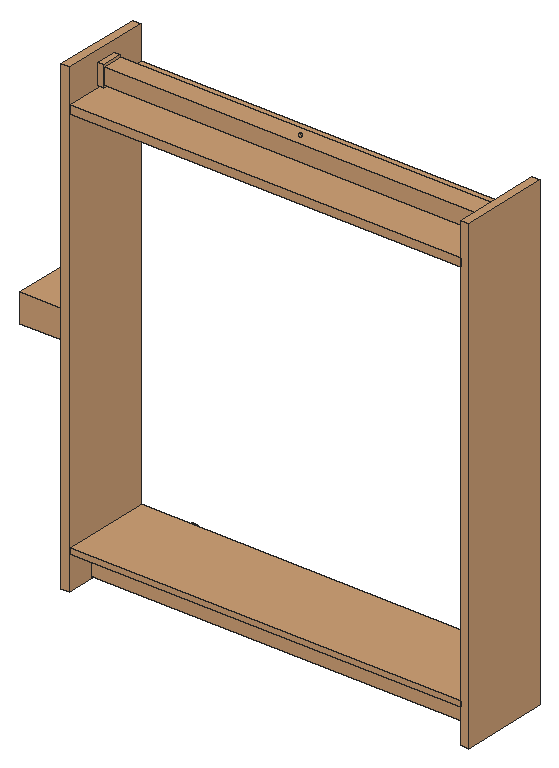
Revit family
Parameters
  Center of Unit = 0' - 0"  # constant formula
  Total Heating Capacity [instance] = 0.0 Btu/h
  Series = "VIFB"
  Outlet Area = 64.40 SF
  Lower Frame Thickness = if(Headers Height = 0' 3", 0' 1 1/4", if(Headers Height = 0' 3 1/4", 0' 1 1/4", 0' 0"))  # 0' - 1 1/4"
  Water Pressure Drop [instance] = 0.00 psi
  Water Flow [instance] = 0 GPM
  Unit Weight (lbs) = 1550
  URL = "http://www.ljwing.com/"
  Water Outlet Radius = 0' - 1 1/2"
  Headers Height = if(M = 0' 1", 0' 3", if(M = 0' 1 1/2", 0' 3 1/4", 0' 0"))  # 0' - 3 1/4"
  Number of Rows = 2  # constant formula
  Number of Coils [instance] = 0
  Nominal Length = 8' - 4 1/2"
  N = 1' - 0 3/4"
  Model = "VF-9W"
  Manufacturer = "LJ Wing"
  M = 0' - 1 1/2"
  Leaving Water Temperature [instance] = 0 °F
  Leaving Air Temperature [instance] = 0 °F
  Entering Water Temperature [instance] = 0 °F
  Entering Air Temperature [instance] = 0 °F
  Description = "Vertical Integral Face & Bypass Water Heating Coils"
  Hot Water Inlet  Radius = 0' - 1 1/2"
  Coil Face Area = Outlet Area * 0.56  # 36.064 SF
  Casing Material = ""
  Assembly Code = "D3020300"
  Air Vent Radius = 0' - 0 1/4"
  Air Pressure Drop [instance] = 0.00 in-wg
  Air Inlet Width = Nominal Length - 0' 4"  # 8' - 0 1/2"
  Air Inlet Height = Y  # 8' - 0"
  Air Flow [instance] = 0 CFM
  Y = 8' - 0"
  S = 0' - 9 3/4"  # constant formula
  Product URL = "http://www.ljwing.com/html/vifb.asp"
  OmniClass = "23-75 70 21 14"
  Nominal Height = 9' - 8"
  Nominal Depth = 1' - 10"
  R = 0' - 10 1/4"  # constant formula
  Q = 0' - 5 1/4"
Reference planes (in)
  plane 1 "Center (Front/Back)": y = 0
  plane 2: z = -48
  plane 3 "Center (Left/Right)": x = 0
  plane 4: z = 58.25
  plane 5: x = -50.25
  plane 6: x = 50.25
  plane 7: z = -57.75
  plane 8: z = 0
  plane 9: y = -11
  plane 10: y = 11
  plane 11: z = 48
  plane 12: z = 50
  plane 13: z = -49.25
  plane 14: x = 48.25
  plane 15: x = -48.25
  plane 16: x = -45
  plane 17: x = 45
  plane 18: y = 14.0625
  plane 19: x = -61.25
  plane 20: z = 55.125
  plane 21: z = 51.125
  plane 22: y = -2.5
  plane 23: y = 2.5
  plane 24: y = -4.5
  plane 25: z = -55.375
  plane 26: x = -37.5
  plane 27: x = 37.5
  plane 28: z = -51.375
Forms (in)
  Extrusion 1, solid, material "Painted Finish"
    sketch origin (0, 6, -9.75) x (1, 0, 0) y (0, 0, 1)
      loop
        line (-50.25, -48) -> (-48.25, -48) -> (-48.25, 68) -> (-50.25, 68) -> (-50.25, -48)
      loop
        line (50.25, -48) -> (50.25, 68) -> (48.25, 68) -> (48.25, -48) -> (50.25, -48)
    from -5 to 17
  Extrusion 2, solid, material "Painted Finish"
    sketch origin (0, 6, 0) x (1, 0, 0) y (0, 0, 1)
      loop
        line (48.25, -48) -> (-48.25, -48) -> (-48.25, -49.25) -> (48.25, -49.25) -> (48.25, -48)
      loop
        line (48.25, 48) -> (48.25, 50) -> (-48.25, 50) -> (-48.25, 48) -> (48.25, 48)
    from -5 to 17
  Extrusion 3, solid, material "Painted Finish"
    sketch origin (0, 10, -0.5) x (1, 0, 0) y (0, 0, 1)
      loop
        line (-50.25, 4) -> (-61.25, 4) -> (-61.25, -3) -> (-50.25, -3) -> (-50.25, 4)
    from 0 to 20
  Extrusion 4, solid, material "Painted Finish"
    sketch origin (0, 6, 0) x (1, 0, 0) y (0, 0, 1)
      loop
        line (-46.625, 55.125) -> (-46.625, 51.125) -> (46.625, 51.125) -> (46.625, 55.125) -> (-46.625, 55.125)
    from 3.5 to 8.5
  Extrusion 5, solid, material "Painted Finish"
    sketch origin (0, 0, 0) x (1, 0, 0) y (0, 0, 1)
      loop
        line (-46.625, 50.625) -> (-46.625, 55.625) -> (-48.25, 55.625) -> (-48.25, 50.625) -> (-46.625, 50.625)
      loop
        line (48.25, 50.625) -> (48.25, 55.625) -> (46.625, 55.625) -> (46.625, 50.625) -> (48.25, 50.625)
    from -2.5 to 2.5
  Extrusion 6, solid, material "Painted Finish"
    sketch origin (0, 6, 0) x (1, 0, 0) y (0, 0, 1)
      loop
        line (-47.75, -49.75) -> (-47.75, -49.5) -> (-48.25, -49.5) -> (-48.25, -53.25) -> (-47.75, -53.25) -> (-47.75, -53) -> (47.75, -53) -> (47.75, -53.25) -> (48.25, -53.25) -> (48.25, -49.5) -> (47.75, -49.5) -> (47.75, -49.75) -> (-47.75, -49.75)
      loop
        line (47.75, -57) -> (47.75, -57.125) -> (48.25, -57.125) -> (48.25, -53.5) -> (47.75, -53.5) -> (47.75, -53.75) -> (-47.75, -53.75) -> (-47.75, -53.5) -> (-48.25, -53.5) -> (-48.25, -57.25) -> (-47.75, -57.25) -> (-47.75, -57) -> (47.75, -57)
    from -5 to 10.5
  Extrusion 7, void
    sketch origin (0, 0, 0) x (1, 0, 0) y (0, 0, 1)
      loop
        line (-48.25, 48) -> (-48.25, -48) -> (48.25, -48) -> (48.25, 48) -> (-48.25, 48)
    from -11 to 11
  Extrusion 8, solid, material "Painted Finish"
    sketch origin (0, 0, 0) x (1, 0, 0) y (0, 0, 1)
      loop
        circle (37.5, -55.375) r 1.5
      loop
        circle (-37.5, -51.375) r 1.5
    from -14.0625 to -11
  Extrusion 9, solid, material "Painted Finish"
    sketch origin (0, 0, 0) x (1, 0, 0) y (0, 1, 0)
      loop
        circle (0, 0) r 0.25
    from 55.125 to 55.625
Cuts and joins
  Extrusion 7 cuts Extrusion 1
  Extrusion 7 cuts Extrusion 2
Dimensions and locks (in)
  "Nominal Length": plane 6 to plane 5
  equal spacing: plane 6, plane 3 "Center (Left/Right)", plane 5
  "S": plane 2 to plane 7
  "Nominal Depth": plane 10 to plane 9
  equal spacing: plane 10, plane 1 "Center (Front/Back)", plane 9
  "Y": plane 11 to plane 2
  "R": plane 4 to plane 11
  locked: plane 12 to plane 11 at 2
  "Lower Frame Thickness": plane 2 to plane 13
  "Q": plane 16 to plane 5
  "Q": plane 6 to plane 17
  locked: plane 18 to plane 10 at 3.0625
  locked: plane 5 to plane 19 at 11
  locked: Extrusion 3 sketch curve to Extrusion 3 sketch curve at 7
  locked: Extrusion 3 to Extrusion 3 at 20
  locked: plane 6 to plane 14 at 2
  locked: plane 15 to plane 5 at 2
  locked: Extrusion 5 sketch curve to plane 20 at 0.5
  locked: plane 21 to Extrusion 5 sketch curve at 0.5
  locked: plane 20 to plane 21 at 4
  locked: plane 23 to plane 22 at 5
  equal spacing: plane 23, plane 1 "Center (Front/Back)", plane 22
  locked: plane 22 to plane 24 at 2
  plane 4 to plane 7 = 9' - 8"
  locked: Extrusion 5 sketch curve to Extrusion 1 at 1.625
  locked: Extrusion 5 sketch curve to Extrusion 5 sketch curve at 1.625
  locked: Extrusion 7 sketch curve to plane 11 at 0
  locked: Extrusion 7 sketch curve to plane 15 at 0
  locked: Extrusion 7 sketch curve to plane 14 at 0
  locked: plane 15 to Extrusion 6 sketch curve at 0.5
  locked: Extrusion 6 sketch curve to Extrusion 6 sketch curve at 0.25  (x2)
  locked: plane 25 to plane 7 at 2.375
  "N": plane 26 to plane 5
  "N": plane 6 to plane 27
  locked: plane 28 to plane 7 at 6.375
  "Headers Height": Extrusion 6 sketch curve to Extrusion 6 sketch curve  (x2)
  locked: Extrusion 8 sketch curve to plane 25 at 0
  locked: Extrusion 8 sketch curve to plane 28 at 0
  locked: Extrusion 9 sketch curve to plane 1 "Center (Front/Back)" at 0
  locked: Extrusion 9 sketch curve to plane 3 "Center (Left/Right)" at 0
  equal spacing: Extrusion 6 sketch curve, plane 28, Extrusion 6 sketch curve
  equal spacing: Extrusion 6 sketch curve, plane 25, Extrusion 6 sketch curve
  locked: plane 4 to plane 20 at 3.125
  locked: Extrusion 7 sketch curve to plane 2 at 0
  equal spacing: plane 11, plane 8, plane 2
  locked: Extrusion 8 sketch curve to plane 27 at 0
  locked: Extrusion 8 sketch curve to plane 26 at 0
  "M": radius of Extrusion 8 sketch curve  (x2)
  "Air Vent Radius": radius of Extrusion 9 sketch curve
  aligned and locked: Extrusion 1 to plane 9
  aligned and locked: Extrusion 1 to plane 10
  aligned and locked: Extrusion 1 to plane 15
  aligned and locked: Extrusion 1 to plane 14
  aligned and locked: Extrusion 2 to plane 9
  aligned and locked: plane 9 to Extrusion 1
  aligned and locked: plane 10 to Extrusion 1  (x2)
  aligned and locked: Extrusion 2 to plane 10
  aligned and locked: plane 10 to Extrusion 2  (x2)
  aligned and locked: plane 9 to Extrusion 2  (x2)
  aligned and locked: plane 5 to Extrusion 3
  aligned and locked: Extrusion 5 sketch curve to plane 15
  aligned and locked: Extrusion 5 sketch curve to Extrusion 4
  aligned and locked: Extrusion 1 to Extrusion 6
  aligned and locked: plane 22 to Extrusion 5
  aligned and locked: Extrusion 5 to Extrusion 4  (x2)
  aligned and locked: Extrusion 5 to plane 23
  aligned and locked: Extrusion 6 to plane 24
  aligned and locked: Extrusion 4 to Extrusion 5  (x2)
  aligned and locked: Extrusion 5 to Extrusion 1  (x2)
  aligned and locked: Extrusion 1 to Extrusion 7  (x2)
  aligned and locked: plane 18 to Extrusion 8
  aligned and locked: Extrusion 8 to plane 10
  aligned and locked: plane 20 to Extrusion 9
  aligned and locked: Extrusion 9 to Extrusion 5
  aligned and locked: plane 2 to cut or joined group of Extrusion 2, Extrusion 7
  aligned and locked: Extrusion 1 sketch curve to plane 6
  aligned and locked: Extrusion 1 sketch curve to plane 14
  aligned and locked: Extrusion 1 sketch curve to plane 15
  aligned and locked: Extrusion 1 sketch curve to plane 5
  aligned and locked: Extrusion 1 sketch curve to plane 4  (x2)
  aligned and locked: plane 7 to Extrusion 1 sketch curve  (x2)
  aligned and locked: Extrusion 2 sketch curve to plane 11
  aligned and locked: Extrusion 2 sketch curve to plane 12
  aligned and locked: plane 2 to Extrusion 2 sketch curve
  aligned and locked: Extrusion 2 sketch curve to plane 13
  aligned and locked: plane 14 to Extrusion 2 sketch curve
  aligned and locked: plane 15 to Extrusion 2 sketch curve
  aligned and locked: Extrusion 2 sketch curve to plane 15
  aligned and locked: Extrusion 2 sketch curve to plane 14
  aligned and locked: plane 20 to Extrusion 4 sketch curve
  aligned and locked: Extrusion 4 sketch curve to plane 21
  aligned and locked: plane 14 to Extrusion 6 sketch curve  (x2)
  aligned and locked: Extrusion 6 sketch curve to plane 15  (x2)
Automatic sketch dimensions
  Extrusion 3 sketch curve to plane 19 = 0' - 0"
  Extrusion 3 sketch curve to plane 5 = 0' - 0"
  plane 8 to Extrusion 3 sketch curve = 0' - 3 1/2"
  Extrusion 4 sketch curve to plane 16 = 0' - 1 5/8"
  plane 17 to Extrusion 4 sketch curve = 0' - 1 5/8"
  plane 21 to Extrusion 5 sketch curve = 0' - 0 1/2"
  Extrusion 5 sketch curve to plane 20 = 0' - 0 1/2"
  plane 15 to Extrusion 6 sketch curve = 0' - 0 1/2"  (x2)
  Extrusion 6 sketch curve to Extrusion 6 sketch curve = 0' - 0 1/4"  (x5)
  Extrusion 6 sketch curve to Extrusion 6 sketch curve = 0' - 0"  (x2)
  Extrusion 6 sketch curve to plane 14 = 0' - 0 1/2"  (x2)
  Extrusion 6 sketch curve to Extrusion 6 sketch curve = 0' - 0 1/2"
  Extrusion 6 sketch curve to plane 7 = 0' - 0 5/8"
Connectors (in)
  hvac at (0, -11, 0), driven by "Air Inlet Height", driven by "Air Inlet Width", driven by "Air Flow", driven by "Air Pressure Drop"
    settings: on Extrusion 7, index 1
  hvac at (0, 11, 0), driven by "Air Pressure Drop", driven by "Air Inlet Height", driven by "Air Inlet Width", driven by "Air Flow"
    settings: on Extrusion 7, index 2
  piping at (-37.5, 14.0625, -51.375), driven by "M", driven by "Water Flow", driven by "Water Pressure Drop"
    settings: on Extrusion 8, index 4
  piping at (37.5, 14.0625, -55.375), driven by "Water Pressure Drop", driven by "Water Flow", driven by "M"
    settings: on Extrusion 8, index 5
